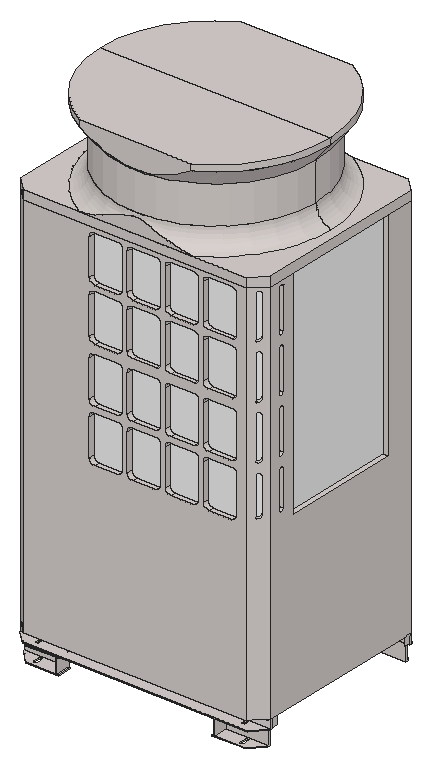
Revit family "PUHY-EM300YNW-A1", category 機械設備, Revit 2016
Family settings
  パーツ タイプ = 標準
  丸型コネクタ寸法 = 半径を使用
  OmniClass 番号 = 23.75.00.00
  OmniClass タイトル = Climate Control (HVAC)
  作業面に基づく = いいえ
  常に垂直 = はい
  ロード時にボイドで切り取り = いいえ
  共有 = いいえ
  部屋の計算ポイント = いいえ
Parameters (values of type "PUHY-EM300YNW-A1_380V_50Hz")
  WarrantyStart = ""
  Temp. range of heating (Outdoor temp.) (W.B.) = "-20.0 to 15.5"
  Temp. range of heating (Indoor temp.) (D.B.) = "15.0 to 27.0"
  Temp. range of cooling (Outdoor temp.) (D.B.) = "-5.0 to 52.0"
  Temp. range of cooling (Indoor temp.) (W.B.) = "15.0 to 24.0"
  TagNumber = 0
  Sound Pressure Level (dB(A)) Heating mode = 64.5
  Sound Pressure Level (dB(A)) Cooling mode = 61
  SerialNumber = 0
  ReplacementYear = ""
  Rated Load Ampacity (A) Heating mode = 15.6
  Rated Load Ampacity (A) Cooling mode = 14.3
  Protection Devices_High pressure (MPa) = "High pressure sensor, High pressure switch at 4.15"
  Outdoor unit Breaker size (A) = 30
  Note_1 = "Refrigerant pipe diameters may change depending on the installation condition. Please refer to the installation manual."
  モデル = "PUHY-EM300YNW-A1"
  Width = 920.000 mm
  Voltage = 380 V
  Unit Weight (kg) = 229
  URL = "http://www.mitsubishielectric.com/"
  Subcategory = "HVAC"
  Space View = yes
  Refrigerant type = "R32"
  Refrigerant Charge (kg) = 6.5
  Protection Devices_Inverter circuit (COMP./FAN) = "Over-heat protection, Over-current protection"
  Phase = 3
  製造元 = "Mitsubishi Electric Corporation"
  Maximum Circuit Ampacity (A) = 22.4
  Liquid pipe_radius = 4.760 mm
  InstallationDate = ""
  Indoor Unit Total Capacity = "50 to 130% of outdoor unit capacity"
  Indoor Unit Model/Quantity = "M20 to M140/2 to 19 (When connecting the indoor units of M20 or M25, the maximum connectable number of indoor units is 12)"
  Hertz = 50 Hz
  Height = 1858.000 mm
  Heating Power Input (Nominal) (kW) = 6.67
  Heating Power Input (Max) (kW) = 7.94
  Heating Current (Nominal) (A) = 11.2
  Heating Current (Max) (A) = 13.4
  Heating Capacity (Nominal) (kW) = 33.5
  Heating Capacity (Max) (kW) = 37.5
  Heating COP (Nominal) (kW/kW) = 5.02
  Heating COP (Max)(kW/kW) = 4.72
  Gas pipe_radius = 14.290 mm
  Fan_Type = "Propeller Fan"
  Fan_Quantity = 1
  Fan Motor Output (kW) = 0.92
  External static pressure (Pa) = 0
  External Finish = "Pre-coated galvanized steel sheets (+powder coating for -BS type) <MUNSELL 5Y 8/1 or similar>"
  Equip_description = ""
  Equip_No. = 0
  Equip_ID = ""
  Description = ""
  Depth = 740.000 mm
  CreatedOn = ""
  CreatedBy = ""
  Cooling Power Input (kW) = 7.44
  Cooling EER (kW/kW) = 4.5
  Cooling Current (A) = 12.5
  Cooling Capacity (kW) = 33.5
  Compressor_Type = "Inverter scroll hermetic compressor"
  Compressor_Quantity = 1
  Compressor_Lubricant = "MEL46EH"
  Compressor Motor Output (kW) = 6
  Category = ""
  Barcode = ""
  AssetIdentifier = ""
  Airflow Rate (m3/min) = 240
  Airflow Rate (m3/h) = 14400
Reference planes
  plane 1 "Center (Front/Back)": y = 0
  plane 2: z = 0
  plane 3 "Center (Left/Right)": x = 0
  plane 4 "11": through (-415, 370, 1200) normal (0.7071, -0.7071, 0)
  plane 5 "22": through (-415, -370, 1200) normal (-0.7071, -0.7071, 0)
  plane 6 "44": through (460, 325, 1200) normal (-0.7071, -0.7071, 0)
  plane 7 "33": through (460, -325, 1200) normal (0.7071, -0.7071, 0)
  plane 8: z = 754.5
  plane 9: z = 909.5
  plane 10: x = -300
  plane 11: x = -217
  plane 12: y = 370
  plane 13: y = -370
  plane 14: x = -460
  plane 15: x = 460
  plane 16: z = 1856
Forms (mm)
  Extrusion 1, solid, material "Paint_5Y 8/1"
    sketch origin (0, 0, 113) x (-1, 0, 0) y (0, -1, 0)
      loop
        line (410, -370) -> (460, -320) -> (460, 320) -> (410, 370) -> (-410, 370) -> (-460, 320) -> (-460, -320) -> (-410, -370) -> (410, -370)
    from -18 to 1408
  Extrusion 2, void
    sketch origin (410, -370, 113) x (1, 0, 0) y (0, 0, -1)
      loop
        arc (-55, -1393.5) -> (-40.858, -1387.642) -> (-35, -1373.5) r 20
        line (-35, -1373.5) -> (-35, -1238.676)
        arc (-35, -1238.676) -> (-40.858, -1224.534) -> (-55, -1218.676) r 20
        line (-55, -1218.676) -> (-139.8, -1218.676)
        arc (-139.8, -1218.676) -> (-153.942, -1224.534) -> (-159.8, -1238.676) r 20
        line (-159.8, -1238.676) -> (-159.8, -1373.5)
        arc (-159.8, -1373.5) -> (-153.942, -1387.642) -> (-139.8, -1393.5) r 20
        line (-139.8, -1393.5) -> (-55, -1393.5)
    from 0 to 20
  Extrusion 3, void
    sketch origin (270, -370, 113) x (1, 0, 0) y (0, 0, -1)
      loop
        arc (-55, -1393.5) -> (-40.858, -1387.642) -> (-35, -1373.5) r 20
        line (-35, -1373.5) -> (-35, -1238.676)
        arc (-35, -1238.676) -> (-40.858, -1224.534) -> (-55, -1218.676) r 20
        line (-55, -1218.676) -> (-139.8, -1218.676)
        arc (-139.8, -1218.676) -> (-153.942, -1224.534) -> (-159.8, -1238.676) r 20
        line (-159.8, -1238.676) -> (-159.8, -1373.5)
        arc (-159.8, -1373.5) -> (-153.942, -1387.642) -> (-139.8, -1393.5) r 20
        line (-139.8, -1393.5) -> (-55, -1393.5)
    from 0 to 20
  Extrusion 4, void
    sketch origin (130, -370, 113) x (1, 0, 0) y (0, 0, -1)
      loop
        arc (-55, -1393.5) -> (-40.858, -1387.642) -> (-35, -1373.5) r 20
        line (-35, -1373.5) -> (-35, -1238.676)
        arc (-35, -1238.676) -> (-40.858, -1224.534) -> (-55, -1218.676) r 20
        line (-55, -1218.676) -> (-139.8, -1218.676)
        arc (-139.8, -1218.676) -> (-153.942, -1224.534) -> (-159.8, -1238.676) r 20
        line (-159.8, -1238.676) -> (-159.8, -1373.5)
        arc (-159.8, -1373.5) -> (-153.942, -1387.642) -> (-139.8, -1393.5) r 20
        line (-139.8, -1393.5) -> (-55, -1393.5)
    from 0 to 20
  Extrusion 5, void
    sketch origin (-10, -370, 113) x (1, 0, 0) y (0, 0, -1)
      loop
        arc (-55, -1393.5) -> (-40.858, -1387.642) -> (-35, -1373.5) r 20
        line (-35, -1373.5) -> (-35, -1238.676)
        arc (-35, -1238.676) -> (-40.858, -1224.534) -> (-55, -1218.676) r 20
        line (-55, -1218.676) -> (-139.8, -1218.676)
        arc (-139.8, -1218.676) -> (-153.942, -1224.534) -> (-159.8, -1238.676) r 20
        line (-159.8, -1238.676) -> (-159.8, -1373.5)
        arc (-159.8, -1373.5) -> (-153.942, -1387.642) -> (-139.8, -1393.5) r 20
        line (-139.8, -1393.5) -> (-55, -1393.5)
    from 0 to 20
  Extrusion 6, void
    sketch origin (410, -370, -81) x (1, 0, 0) y (0, 0, -1)
      loop
        arc (-55, -1393.5) -> (-40.858, -1387.642) -> (-35, -1373.5) r 20
        line (-35, -1373.5) -> (-35, -1238.676)
        arc (-35, -1238.676) -> (-40.858, -1224.534) -> (-55, -1218.676) r 20
        line (-55, -1218.676) -> (-139.8, -1218.676)
        arc (-139.8, -1218.676) -> (-153.942, -1224.534) -> (-159.8, -1238.676) r 20
        line (-159.8, -1238.676) -> (-159.8, -1373.5)
        arc (-159.8, -1373.5) -> (-153.942, -1387.642) -> (-139.8, -1393.5) r 20
        line (-139.8, -1393.5) -> (-55, -1393.5)
    from 0 to 20
  Extrusion 7, void
    sketch origin (270, -370, -81) x (1, 0, 0) y (0, 0, -1)
      loop
        arc (-55, -1393.5) -> (-40.858, -1387.642) -> (-35, -1373.5) r 20
        line (-35, -1373.5) -> (-35, -1238.676)
        arc (-35, -1238.676) -> (-40.858, -1224.534) -> (-55, -1218.676) r 20
        line (-55, -1218.676) -> (-139.8, -1218.676)
        arc (-139.8, -1218.676) -> (-153.942, -1224.534) -> (-159.8, -1238.676) r 20
        line (-159.8, -1238.676) -> (-159.8, -1373.5)
        arc (-159.8, -1373.5) -> (-153.942, -1387.642) -> (-139.8, -1393.5) r 20
        line (-139.8, -1393.5) -> (-55, -1393.5)
    from 0 to 20
  Extrusion 8, void
    sketch origin (130, -370, -81) x (1, 0, 0) y (0, 0, -1)
      loop
        arc (-55, -1393.5) -> (-40.858, -1387.642) -> (-35, -1373.5) r 20
        line (-35, -1373.5) -> (-35, -1238.676)
        arc (-35, -1238.676) -> (-40.858, -1224.534) -> (-55, -1218.676) r 20
        line (-55, -1218.676) -> (-139.8, -1218.676)
        arc (-139.8, -1218.676) -> (-153.942, -1224.534) -> (-159.8, -1238.676) r 20
        line (-159.8, -1238.676) -> (-159.8, -1373.5)
        arc (-159.8, -1373.5) -> (-153.942, -1387.642) -> (-139.8, -1393.5) r 20
        line (-139.8, -1393.5) -> (-55, -1393.5)
    from 0 to 20
  Extrusion 9, void
    sketch origin (-10, -370, -81) x (1, 0, 0) y (0, 0, -1)
      loop
        arc (-55, -1393.5) -> (-40.858, -1387.642) -> (-35, -1373.5) r 20
        line (-35, -1373.5) -> (-35, -1238.676)
        arc (-35, -1238.676) -> (-40.858, -1224.534) -> (-55, -1218.676) r 20
        line (-55, -1218.676) -> (-139.8, -1218.676)
        arc (-139.8, -1218.676) -> (-153.942, -1224.534) -> (-159.8, -1238.676) r 20
        line (-159.8, -1238.676) -> (-159.8, -1373.5)
        arc (-159.8, -1373.5) -> (-153.942, -1387.642) -> (-139.8, -1393.5) r 20
        line (-139.8, -1393.5) -> (-55, -1393.5)
    from 0 to 20
  Extrusion 10, void
    sketch origin (410, -370, -287) x (1, 0, 0) y (0, 0, -1)
      loop
        arc (-55, -1393.5) -> (-40.858, -1387.642) -> (-35, -1373.5) r 20
        line (-35, -1373.5) -> (-35, -1238.676)
        arc (-35, -1238.676) -> (-40.858, -1224.534) -> (-55, -1218.676) r 20
        line (-55, -1218.676) -> (-139.8, -1218.676)
        arc (-139.8, -1218.676) -> (-153.942, -1224.534) -> (-159.8, -1238.676) r 20
        line (-159.8, -1238.676) -> (-159.8, -1373.5)
        arc (-159.8, -1373.5) -> (-153.942, -1387.642) -> (-139.8, -1393.5) r 20
        line (-139.8, -1393.5) -> (-55, -1393.5)
    from 0 to 20
  Extrusion 11, void
    sketch origin (270, -370, -287) x (1, 0, 0) y (0, 0, -1)
      loop
        arc (-55, -1393.5) -> (-40.858, -1387.642) -> (-35, -1373.5) r 20
        line (-35, -1373.5) -> (-35, -1238.676)
        arc (-35, -1238.676) -> (-40.858, -1224.534) -> (-55, -1218.676) r 20
        line (-55, -1218.676) -> (-139.8, -1218.676)
        arc (-139.8, -1218.676) -> (-153.942, -1224.534) -> (-159.8, -1238.676) r 20
        line (-159.8, -1238.676) -> (-159.8, -1373.5)
        arc (-159.8, -1373.5) -> (-153.942, -1387.642) -> (-139.8, -1393.5) r 20
        line (-139.8, -1393.5) -> (-55, -1393.5)
    from 0 to 20
  Extrusion 12, void
    sketch origin (130, -370, -287) x (1, 0, 0) y (0, 0, -1)
      loop
        arc (-55, -1393.5) -> (-40.858, -1387.642) -> (-35, -1373.5) r 20
        line (-35, -1373.5) -> (-35, -1238.676)
        arc (-35, -1238.676) -> (-40.858, -1224.534) -> (-55, -1218.676) r 20
        line (-55, -1218.676) -> (-139.8, -1218.676)
        arc (-139.8, -1218.676) -> (-153.942, -1224.534) -> (-159.8, -1238.676) r 20
        line (-159.8, -1238.676) -> (-159.8, -1373.5)
        arc (-159.8, -1373.5) -> (-153.942, -1387.642) -> (-139.8, -1393.5) r 20
        line (-139.8, -1393.5) -> (-55, -1393.5)
    from 0 to 20
  Extrusion 13, void
    sketch origin (-10, -370, -287) x (1, 0, 0) y (0, 0, -1)
      loop
        arc (-55, -1393.5) -> (-40.858, -1387.642) -> (-35, -1373.5) r 20
        line (-35, -1373.5) -> (-35, -1238.676)
        arc (-35, -1238.676) -> (-40.858, -1224.534) -> (-55, -1218.676) r 20
        line (-55, -1218.676) -> (-139.8, -1218.676)
        arc (-139.8, -1218.676) -> (-153.942, -1224.534) -> (-159.8, -1238.676) r 20
        line (-159.8, -1238.676) -> (-159.8, -1373.5)
        arc (-159.8, -1373.5) -> (-153.942, -1387.642) -> (-139.8, -1393.5) r 20
        line (-139.8, -1393.5) -> (-55, -1393.5)
    from 0 to 20
  Extrusion 14, void
    sketch origin (410, -370, -481) x (1, 0, 0) y (0, 0, -1)
      loop
        arc (-55, -1393.5) -> (-40.858, -1387.642) -> (-35, -1373.5) r 20
        line (-35, -1373.5) -> (-35, -1238.676)
        arc (-35, -1238.676) -> (-40.858, -1224.534) -> (-55, -1218.676) r 20
        line (-55, -1218.676) -> (-139.8, -1218.676)
        arc (-139.8, -1218.676) -> (-153.942, -1224.534) -> (-159.8, -1238.676) r 20
        line (-159.8, -1238.676) -> (-159.8, -1373.5)
        arc (-159.8, -1373.5) -> (-153.942, -1387.642) -> (-139.8, -1393.5) r 20
        line (-139.8, -1393.5) -> (-55, -1393.5)
    from 0 to 20
  Extrusion 15, void
    sketch origin (270, -370, -481) x (1, 0, 0) y (0, 0, -1)
      loop
        arc (-55, -1393.5) -> (-40.858, -1387.642) -> (-35, -1373.5) r 20
        line (-35, -1373.5) -> (-35, -1238.676)
        arc (-35, -1238.676) -> (-40.858, -1224.534) -> (-55, -1218.676) r 20
        line (-55, -1218.676) -> (-139.8, -1218.676)
        arc (-139.8, -1218.676) -> (-153.942, -1224.534) -> (-159.8, -1238.676) r 20
        line (-159.8, -1238.676) -> (-159.8, -1373.5)
        arc (-159.8, -1373.5) -> (-153.942, -1387.642) -> (-139.8, -1393.5) r 20
        line (-139.8, -1393.5) -> (-55, -1393.5)
    from 0 to 20
  Extrusion 16, void
    sketch origin (130, -370, -481) x (1, 0, 0) y (0, 0, -1)
      loop
        arc (-55, -1393.5) -> (-40.858, -1387.642) -> (-35, -1373.5) r 20
        line (-35, -1373.5) -> (-35, -1238.676)
        arc (-35, -1238.676) -> (-40.858, -1224.534) -> (-55, -1218.676) r 20
        line (-55, -1218.676) -> (-139.8, -1218.676)
        arc (-139.8, -1218.676) -> (-153.942, -1224.534) -> (-159.8, -1238.676) r 20
        line (-159.8, -1238.676) -> (-159.8, -1373.5)
        arc (-159.8, -1373.5) -> (-153.942, -1387.642) -> (-139.8, -1393.5) r 20
        line (-139.8, -1393.5) -> (-55, -1393.5)
    from 0 to 20
  Extrusion 17, void
    sketch origin (-10, -370, -481) x (1, 0, 0) y (0, 0, -1)
      loop
        arc (-55, -1393.5) -> (-40.858, -1387.642) -> (-35, -1373.5) r 20
        line (-35, -1373.5) -> (-35, -1238.676)
        arc (-35, -1238.676) -> (-40.858, -1224.534) -> (-55, -1218.676) r 20
        line (-55, -1218.676) -> (-139.8, -1218.676)
        arc (-139.8, -1218.676) -> (-153.942, -1224.534) -> (-159.8, -1238.676) r 20
        line (-159.8, -1238.676) -> (-159.8, -1373.5)
        arc (-159.8, -1373.5) -> (-153.942, -1387.642) -> (-139.8, -1393.5) r 20
        line (-139.8, -1393.5) -> (-55, -1393.5)
    from 0 to 20
  Extrusion 18, solid
    sketch origin (0, -189, -3) x (0, 0, -1) y (-1, 0, 0)
      loop
        circle (-179, 217) r 14.29
    from 0 to 150
  Extrusion 19, solid
    sketch origin (0, -172, -3) x (0, 0, -1) y (-1, 0, 0)
      loop
        circle (-179, 300) r 4.76
    from 0 to 150
  Extrusion 20, void
    sketch origin (-460, -320, 113) x (0, -1, 0) y (0, 0, -1)
      loop
        line (-611.5, -1236.511) -> (-611.5, -1386.5)
        arc (-611.5, -1386.5) -> (-601.5, -1396.5) -> (-591.5, -1386.5) r 10
        line (-591.5, -1386.5) -> (-591.5, -1236.511)
        arc (-591.5, -1236.511) -> (-601.5, -1226.511) -> (-611.5, -1236.511) r 10
    from 0 to 20
  Extrusion 21, void
    sketch origin (-460, -320, -87.006) x (0, -1, 0) y (0, 0, -1)
      loop
        line (-611.5, -1236.511) -> (-611.5, -1386.5)
        arc (-611.5, -1386.5) -> (-601.5, -1396.5) -> (-591.5, -1386.5) r 10
        line (-591.5, -1386.5) -> (-591.5, -1236.511)
        arc (-591.5, -1236.511) -> (-601.5, -1226.511) -> (-611.5, -1236.511) r 10
    from 0 to 20
  Extrusion 22, void
    sketch origin (-460, -320, -287.006) x (0, -1, 0) y (0, 0, -1)
      loop
        line (-611.5, -1236.511) -> (-611.5, -1386.5)
        arc (-611.5, -1386.5) -> (-601.5, -1396.5) -> (-591.5, -1386.5) r 10
        line (-591.5, -1386.5) -> (-591.5, -1236.511)
        arc (-591.5, -1236.511) -> (-601.5, -1226.511) -> (-611.5, -1236.511) r 10
    from 0 to 20
  Extrusion 23, void
    sketch origin (-460, -320, -479.506) x (0, -1, 0) y (0, 0, -1)
      loop
        line (-611.5, -1244.006) -> (-611.5, -1379.006)
        arc (-611.5, -1379.006) -> (-601.5, -1389.006) -> (-591.5, -1379.006) r 10
        line (-591.5, -1379.006) -> (-591.5, -1244.006)
        arc (-591.5, -1244.006) -> (-601.5, -1234.006) -> (-611.5, -1244.006) r 10
    from 0 to 20
  Extrusion 24, void
    sketch origin (-460, -320, 113) x (0, -1, 0) y (0, 0, -1)
      loop
        line (-543, -1408) -> (-215, -1408) -> (-215, -632) -> (-543, -632) -> (-543, -1408)
    from 0 to 20
  Extrusion 25, void
    sketch origin (-410, 370, 113) x (0.707107, 0.707107, 0) y (0, 0, 1)
      loop
        line (-27.158, 1236.539) -> (-27.158, 1386.461)
        arc (-27.158, 1386.461) -> (-37.158, 1396.461) -> (-47.158, 1386.461) r 10
        line (-47.158, 1386.461) -> (-47.158, 1236.539)
        arc (-47.158, 1236.539) -> (-37.158, 1226.539) -> (-27.158, 1236.539) r 10
      loop
        line (-27.158, 1036.539) -> (-27.158, 1186.461)
        arc (-27.158, 1186.461) -> (-37.158, 1196.461) -> (-47.158, 1186.461) r 10
        line (-47.158, 1186.461) -> (-47.158, 1036.539)
        arc (-47.158, 1036.539) -> (-37.158, 1026.539) -> (-27.158, 1036.539) r 10
      loop
        line (-27.158, 836.539) -> (-27.158, 986.461)
        arc (-27.158, 986.461) -> (-37.158, 996.461) -> (-47.158, 986.461) r 10
        line (-47.158, 986.461) -> (-47.158, 836.539)
        arc (-47.158, 836.539) -> (-37.158, 826.539) -> (-27.158, 836.539) r 10
      loop
        line (-27.158, 652.5) -> (-27.158, 785.5)
        arc (-27.158, 785.5) -> (-37.158, 795.5) -> (-47.158, 785.5) r 10
        line (-47.158, 785.5) -> (-47.158, 652.5)
        arc (-47.158, 652.5) -> (-37.158, 642.5) -> (-27.158, 652.5) r 10
    from 0 to 20
  Extrusion 26, void
    sketch origin (460, -320, 113) x (0.707107, 0.707107, 0) y (0, 0, -1)
      loop
        arc (-25.5, -1236.423) -> (-35.5, -1226.423) -> (-45.5, -1236.423) r 10
        line (-45.5, -1236.423) -> (-45.5, -1386.487)
        arc (-45.5, -1386.487) -> (-35.5, -1396.487) -> (-25.5, -1386.487) r 10
        line (-25.5, -1386.487) -> (-25.5, -1236.423)
    from 0 to 20
  Extrusion 27, void
    sketch origin (460, -320, -86.884) x (0.707107, 0.707107, 0) y (0, 0, -1)
      loop
        arc (-25.5, -1236.423) -> (-35.5, -1226.423) -> (-45.5, -1236.423) r 10
        line (-45.5, -1236.423) -> (-45.5, -1386.487)
        arc (-45.5, -1386.487) -> (-35.5, -1396.487) -> (-25.5, -1386.487) r 10
        line (-25.5, -1386.487) -> (-25.5, -1236.423)
    from 0 to 20
  Extrusion 28, void
    sketch origin (460, -320, -286.884) x (0.707107, 0.707107, 0) y (0, 0, -1)
      loop
        arc (-25.5, -1236.423) -> (-35.5, -1226.423) -> (-45.5, -1236.423) r 10
        line (-45.5, -1236.423) -> (-45.5, -1386.487)
        arc (-45.5, -1386.487) -> (-35.5, -1396.487) -> (-25.5, -1386.487) r 10
        line (-25.5, -1386.487) -> (-25.5, -1236.423)
    from 0 to 20
  Extrusion 29, void
    sketch origin (460, -320, -487.987) x (0.707107, 0.707107, 0) y (0, 0, -1)
      loop
        arc (-25.5, -1253.487) -> (-35.5, -1243.487) -> (-45.5, -1253.487) r 10
        line (-45.5, -1253.487) -> (-45.5, -1386.487)
        arc (-45.5, -1386.487) -> (-35.5, -1396.487) -> (-25.5, -1386.487) r 10
        line (-25.5, -1386.487) -> (-25.5, -1253.487)
    from 0 to 20
  Extrusion 30, void
    sketch origin (460, 320, 113) x (0, 1, 0) y (0, 0, -1)
      loop
        line (-604, -1236.423) -> (-604, -1386.487)
        arc (-604, -1386.487) -> (-594, -1396.487) -> (-584, -1386.487) r 10
        line (-584, -1386.487) -> (-584, -1236.423)
        arc (-584, -1236.423) -> (-594, -1226.423) -> (-604, -1236.423) r 10
      loop
        line (-604, -1036.539) -> (-604, -1186.603)
        arc (-604, -1186.603) -> (-594, -1196.603) -> (-584, -1186.603) r 10
        line (-584, -1186.603) -> (-584, -1036.539)
        arc (-584, -1036.539) -> (-594, -1026.539) -> (-604, -1036.539) r 10
      loop
        line (-604, -836.539) -> (-604, -986.603)
        arc (-604, -986.603) -> (-594, -996.603) -> (-584, -986.603) r 10
        line (-584, -986.603) -> (-584, -836.539)
        arc (-584, -836.539) -> (-594, -826.539) -> (-604, -836.539) r 10
      loop
        line (-604, -652.5) -> (-604, -785.5)
        arc (-604, -785.5) -> (-594, -795.5) -> (-584, -785.5) r 10
        line (-584, -785.5) -> (-584, -652.5)
        arc (-584, -652.5) -> (-594, -642.5) -> (-604, -652.5) r 10
    from 0 to 20
  Extrusion 31, void
    sketch origin (460, 320, 113) x (0, 1, 0) y (0, 0, -1)
      loop
        line (-542, -1408) -> (-100, -1408) -> (-100, -611.5) -> (-542, -611.5) -> (-542, -1408)
    from 0 to 20
  Extrusion 32, void
    sketch origin (-410, 370, 113) x (-1, 0, 0) y (0, 0, -1)
      loop
        line (-718, -1408) -> (-47, -1408) -> (-47, -613) -> (-718, -613) -> (-718, -1408)
    from 0 to 20
Cuts and joins
  Extrusion 2, Extrusion 3, Extrusion 4, Extrusion 5, Extrusion 6, Extrusion 7, Extrusion 8, Extrusion 9, Extrusion 10, Extrusion 11, Extrusion 12, Extrusion 13, Extrusion 14, Extrusion 15, Extrusion 16, Extrusion 17, Extrusion 20, Extrusion 21, Extrusion 22, Extrusion 23, Extrusion 24, Extrusion 25, Extrusion 26, Extrusion 27, Extrusion 28, Extrusion 29, Extrusion 30, Extrusion 31, Extrusion 32 cuts Extrusion 1
Lines and regions (mm)
  model lines
    curve 1: line (-390, -370, 716) -> (390, -370, 716)
    curve 2: line (-390, -370, 1521) -> (-390, -370, 95)
    curve 3: line (390, -370, 1521) -> (390, -370, 95)
    curve 4: line (-172, -370, 95) -> (-172, -370, 207.5)
    curve 5: line (390, -370, 224.5) -> (199, -370, 224.5)
    curve 6: line (172, -370, 197.5) -> (172, -370, 95)
    curve 7: arc (-189, -370, 224.5) -> (-176.979, -370, 219.521) -> (-172, -370, 207.5) r 17
    curve 8: arc (199, -370, 224.5) -> (179.908, -370, 216.592) -> (172, -370, 197.5) r 27
    curve 9: line (-192, -291, 95) -> (-322, -291, 95)
    curve 10: line (-182, -207, 95) -> (-182, -281, 95)
    curve 11: line (-322, -197, 95) -> (-192, -197, 95)
    curve 12: line (-332, -281, 95) -> (-332, -207, 95)
    curve 13: arc (-332, -281, 95) -> (-329.071, -288.071, 95) -> (-322, -291, 95) r 10
    curve 14: arc (-192, -291, 95) -> (-184.929, -288.071, 95) -> (-182, -281, 95) r 10
    curve 15: arc (-182, -207, 95) -> (-184.929, -199.929, 95) -> (-192, -197, 95) r 10
    curve 16: arc (-322, -197, 95) -> (-329.071, -199.929, 95) -> (-332, -207, 95) r 10
    curve 25: line (-219, -370, 1521) -> (-219, -370, 716)
    curve 26: line (-189, -370, 224.5) -> (-390, -370, 224.5)
    curve 27: circle (308, -185, 95) r 26 normal (0, 0, 1)
    curve 28: circle (288, -260, 95) r 32.5 normal (0, 0, 1)
    curve 29: circle (244, -204, 95) r 17 normal (0, 0, 1)
    curve 30: line (-460, 243, 1521) -> (-460, 243, 95)
    curve 31: line (-460, 243, 705) -> (-460, -155, 705)
    curve 32: line (-460, -155, 95) -> (-460, -155, 1521)
    curve 33: line (-460, 223, 1521) -> (-460, 223, 705)
    curve 34: line (-460, -105, 1521) -> (-460, -105, 705)
    curve 35: line (-460, -95.983, 267.745) -> (-460, 184, 267.745)
    curve 36: line (-460, 184, 247.745) -> (-460, -95.983, 247.745)
    curve 37: arc (-460, -95.983, 247.745) -> (-460, -105.983, 257.745) -> (-460, -95.983, 267.745) r 10
    curve 38: arc (-460, 184, 267.745) -> (-460, 194, 257.745) -> (-460, 184, 247.745) r 10
    curve 39: line (-460, -95.983, 372.745) -> (-460, 184, 372.745)
    curve 40: line (-460, 184, 352.745) -> (-460, -95.983, 352.745)
    curve 41: arc (-460, -95.983, 352.745) -> (-460, -105.983, 362.745) -> (-460, -95.983, 372.745) r 10
    curve 42: arc (-460, 184, 372.745) -> (-460, 194, 362.745) -> (-460, 184, 352.745) r 10
    curve 43: line (-460, -95.983, 477.745) -> (-460, 184, 477.745)
    curve 44: line (-460, 184, 457.745) -> (-460, -95.983, 457.745)
    curve 45: arc (-460, -95.983, 457.745) -> (-460, -105.983, 467.745) -> (-460, -95.983, 477.745) r 10
    curve 46: arc (-460, 184, 477.745) -> (-460, 194, 467.745) -> (-460, 184, 457.745) r 10
    curve 47: line (-460, -95.983, 582.745) -> (-460, 184, 582.745)
    curve 48: line (-460, 184, 562.745) -> (-460, -95.983, 562.745)
    curve 49: arc (-460, -95.983, 562.745) -> (-460, -105.983, 572.745) -> (-460, -95.983, 582.745) r 10
    curve 50: arc (-460, 184, 582.745) -> (-460, 194, 572.745) -> (-460, 184, 562.745) r 10
    curve 51: line (-110, -370, 269) -> (110, -370, 269)
    curve 52: line (110, -370, 249) -> (-110, -370, 249)
    curve 53: arc (-120, -370, 259) -> (-117.071, -370, 266.071) -> (-110, -370, 269) r 10
    curve 54: arc (-110, -370, 249) -> (-117.071, -370, 251.929) -> (-120, -370, 259) r 10
    curve 55: arc (110, -370, 269) -> (117.071, -370, 266.071) -> (120, -370, 259) r 10
    curve 56: arc (120, -370, 259) -> (117.071, -370, 251.929) -> (110, -370, 249) r 10
    curve 57: line (-222.5, -370, 584) -> (222.5, -370, 584)
    curve 58: line (222.5, -370, 564) -> (-222.5, -370, 564)
    curve 59: arc (-222.5, -370, 584) -> (-229.571, -370, 581.071) -> (-232.5, -370, 574) r 10
    curve 60: arc (222.5, -370, 584) -> (229.571, -370, 581.071) -> (232.5, -370, 574) r 10
    curve 61: arc (232.5, -370, 574) -> (229.571, -370, 566.929) -> (222.5, -370, 564) r 10
    curve 62: arc (-222.5, -370, 564) -> (-229.571, -370, 566.929) -> (-232.5, -370, 574) r 10
    curve 63: line (-222.5, -370, 479) -> (222.5, -370, 479)
    curve 64: line (222.5, -370, 459) -> (-222.5, -370, 459)
    curve 65: arc (-222.5, -370, 479) -> (-229.571, -370, 476.071) -> (-232.5, -370, 469) r 10
    curve 66: arc (222.5, -370, 479) -> (229.571, -370, 476.071) -> (232.5, -370, 469) r 10
    curve 67: arc (232.5, -370, 469) -> (229.571, -370, 461.929) -> (222.5, -370, 459) r 10
    curve 68: arc (-222.5, -370, 459) -> (-229.571, -370, 461.929) -> (-232.5, -370, 469) r 10
    curve 69: line (-222.5, -370, 374) -> (222.5, -370, 374)
    curve 70: line (222.5, -370, 354) -> (-222.5, -370, 354)
    curve 71: arc (-222.5, -370, 374) -> (-229.571, -370, 371.071) -> (-232.5, -370, 364) r 10
    curve 72: arc (222.5, -370, 374) -> (229.571, -370, 371.071) -> (232.5, -370, 364) r 10
    curve 73: arc (232.5, -370, 364) -> (229.571, -370, 356.929) -> (222.5, -370, 354) r 10
    curve 74: arc (-222.5, -370, 354) -> (-229.571, -370, 356.929) -> (-232.5, -370, 364) r 10
    curve 75: line (460, -237.5, 1521) -> (460, -237.5, 95)
    curve 76: line (460, -237.5, 705) -> (460, 236.5, 705)
    curve 77: line (460, -237.5, 724.5) -> (460, 236.5, 724.5)
    curve 78: line (460, 236.5, 1521) -> (460, 236.5, 95)
    curve 79: line (327.5, 370, 1521) -> (327.5, 370, 95)
    curve 80: line (308, 370, 1521) -> (308, 370, 706)
    curve 81: line (327.5, 370, 706) -> (-382.5, 370, 706)
    curve 82: line (-382.5, 370, 1521) -> (-382.5, 370, 95)
    curve 83: line (-363, 370, 1521) -> (-363, 370, 706)
    curve 84: line (460, -140.491, 267.745) -> (460, 139.491, 267.745)
    curve 85: line (460, 139.491, 247.745) -> (460, -140.491, 247.745)
    curve 86: arc (460, -140.491, 247.745) -> (460, -150.491, 257.745) -> (460, -140.491, 267.745) r 10
    curve 87: arc (460, 139.491, 267.745) -> (460, 149.491, 257.745) -> (460, 139.491, 247.745) r 10
    curve 88: line (460, -140.491, 372.745) -> (460, 139.491, 372.745)
    curve 89: line (460, 139.491, 352.745) -> (460, -140.491, 352.745)
    curve 90: arc (460, -140.491, 352.745) -> (460, -150.491, 362.745) -> (460, -140.491, 372.745) r 10
    curve 91: arc (460, 139.491, 372.745) -> (460, 149.491, 362.745) -> (460, 139.491, 352.745) r 10
    curve 92: line (460, -140.491, 477.745) -> (460, 139.491, 477.745)
    curve 93: line (460, 139.491, 457.745) -> (460, -140.491, 457.745)
    curve 94: arc (460, -140.491, 457.745) -> (460, -150.491, 467.745) -> (460, -140.491, 477.745) r 10
    curve 95: arc (460, 139.491, 477.745) -> (460, 149.491, 467.745) -> (460, 139.491, 457.745) r 10
    curve 96: line (460, -140.491, 582.745) -> (460, 139.491, 582.745)
    curve 97: line (460, 139.491, 562.745) -> (460, -140.491, 562.745)
    curve 98: arc (460, -140.491, 562.745) -> (460, -150.491, 572.745) -> (460, -140.491, 582.745) r 10
    curve 99: arc (460, 139.491, 582.745) -> (460, 149.491, 572.745) -> (460, 139.491, 562.745) r 10
    curve 100: line (-222.5, 370, 584) -> (222.5, 370, 584)
    curve 101: line (222.5, 370, 564) -> (-222.5, 370, 564)
    curve 102: arc (-222.5, 370, 584) -> (-229.571, 370, 581.071) -> (-232.5, 370, 574) r 10
    curve 103: arc (222.5, 370, 584) -> (229.571, 370, 581.071) -> (232.5, 370, 574) r 10
    curve 104: arc (232.5, 370, 574) -> (229.571, 370, 566.929) -> (222.5, 370, 564) r 10
    curve 105: arc (-222.5, 370, 564) -> (-229.571, 370, 566.929) -> (-232.5, 370, 574) r 10
    curve 106: line (-222.5, 370, 479) -> (222.5, 370, 479)
    curve 107: line (222.5, 370, 459) -> (-222.5, 370, 459)
    curve 108: arc (-222.5, 370, 479) -> (-229.571, 370, 476.071) -> (-232.5, 370, 469) r 10
    curve 109: arc (222.5, 370, 479) -> (229.571, 370, 476.071) -> (232.5, 370, 469) r 10
    curve 110: arc (232.5, 370, 469) -> (229.571, 370, 461.929) -> (222.5, 370, 459) r 10
    curve 111: arc (-222.5, 370, 459) -> (-229.571, 370, 461.929) -> (-232.5, 370, 469) r 10
    curve 112: line (-222.5, 370, 374) -> (222.5, 370, 374)
    curve 113: line (222.5, 370, 354) -> (-222.5, 370, 354)
    curve 114: arc (-222.5, 370, 374) -> (-229.571, 370, 371.071) -> (-232.5, 370, 364) r 10
    curve 115: arc (222.5, 370, 374) -> (229.571, 370, 371.071) -> (232.5, 370, 364) r 10
    curve 116: arc (232.5, 370, 364) -> (229.571, 370, 356.929) -> (222.5, 370, 354) r 10
    curve 117: arc (-222.5, 370, 354) -> (-229.571, 370, 356.929) -> (-232.5, 370, 364) r 10
    curve 118: line (-222.5, 370, 269) -> (222.5, 370, 269)
    curve 119: line (222.5, 370, 249) -> (-222.5, 370, 249)
    curve 120: arc (-222.5, 370, 269) -> (-229.571, 370, 266.071) -> (-232.5, 370, 259) r 10
    curve 121: arc (222.5, 370, 269) -> (229.571, 370, 266.071) -> (232.5, 370, 259) r 10
    curve 122: arc (232.5, 370, 259) -> (229.571, 370, 251.929) -> (222.5, 370, 249) r 10
    curve 123: arc (-222.5, 370, 249) -> (-229.571, 370, 251.929) -> (-232.5, 370, 259) r 10
    curve 124: line (-325, -370, 131) -> (-197, -370, 131)
    curve 125: line (-335, -370, 205) -> (-335, -370, 141)
    curve 126: line (-197, -370, 215) -> (-325, -370, 215)
    curve 127: line (-187, -370, 141) -> (-187, -370, 205)
    curve 128: arc (-335, -370, 205) -> (-332.071, -370, 212.071) -> (-325, -370, 215) r 10
    curve 129: arc (-197, -370, 215) -> (-189.929, -370, 212.071) -> (-187, -370, 205) r 10
    curve 130: arc (-335, -370, 141) -> (-332.071, -370, 133.929) -> (-325, -370, 131) r 10
    curve 131: arc (-197, -370, 131) -> (-189.929, -370, 133.929) -> (-187, -370, 141) r 10
    curve 132: circle (328, -370, 170) r 20 normal (0, -1, 0)
    curve 133: circle (328, -370, 170) r 32.5 normal (0, -1, 0)
    curve 134: circle (253, -370, 185) r 13.5 normal (0, -1, 0)
    curve 135: circle (253, -370, 185) r 26 normal (0, -1, 0)
    curve 136: circle (204, -370, 150) r 17 normal (0, -1, 0)
  model lines, not visible
    curve 17: line (487.5, -370, 703) -> (492.5, -370, 703)
    curve 18: line (477.5, -370, 363) -> (477.5, -370, 693)
    curve 19: line (492.5, -370, 353) -> (487.5, -370, 353)
    curve 20: line (502.5, -370, 693) -> (502.5, -370, 363)
    curve 21: arc (487.5, -370, 703) -> (480.429, -370, 700.071) -> (477.5, -370, 693) r 10
    curve 22: arc (492.5, -370, 703) -> (499.571, -370, 700.071) -> (502.5, -370, 693) r 10
    curve 23: arc (502.5, -370, 363) -> (499.571, -370, 355.929) -> (492.5, -370, 353) r 10
    curve 24: arc (477.5, -370, 363) -> (480.429, -370, 355.929) -> (487.5, -370, 353) r 10
Dimensions and locks
  nested 1 to level = 1858.000 mm
  nested 1 to nested 1 = 303.000 mm
  nested 5 to nested 5 = 60.000 mm
  nested 1 to nested 2 = 1495.000 mm
  Extrusion 1 to Extrusion 1 = 920.000 mm
  Extrusion 2 sketch curve to Extrusion 2 sketch curve = 174.824 mm
  Extrusion 3 sketch curve to Extrusion 3 sketch curve = 174.824 mm
  equal spacing: group 5, group 4, group 3, group 2
  equal spacing: group 2, group 3, group 4, group 5  (x2)
  Extrusion 4 sketch curve to Extrusion 4 sketch curve = 174.824 mm
  Extrusion 5 sketch curve to Extrusion 5 sketch curve = 174.824 mm
  Extrusion 6 sketch curve to Extrusion 6 sketch curve = 174.824 mm
  Extrusion 7 sketch curve to Extrusion 7 sketch curve = 174.824 mm
  Extrusion 8 sketch curve to Extrusion 8 sketch curve = 174.824 mm
  Extrusion 9 sketch curve to Extrusion 9 sketch curve = 174.824 mm
  Extrusion 10 sketch curve to Extrusion 10 sketch curve = 174.824 mm
  Extrusion 11 sketch curve to Extrusion 11 sketch curve = 174.824 mm
  Extrusion 12 sketch curve to Extrusion 12 sketch curve = 174.824 mm
  Extrusion 13 sketch curve to Extrusion 13 sketch curve = 174.824 mm
  Extrusion 14 sketch curve to Extrusion 14 sketch curve = 174.824 mm
  Extrusion 15 sketch curve to Extrusion 15 sketch curve = 174.824 mm
  Extrusion 16 sketch curve to Extrusion 16 sketch curve = 174.824 mm
  Extrusion 17 sketch curve to Extrusion 17 sketch curve = 174.824 mm
  cut or joined group 1 (Extrusion 1, Extrusion 2, Extrusion 3, Extrusion 4, Extrusion 5, Extrusion 6, Extrusion 7, Extrusion 8, Extrusion 9, Extrusion 10, Extrusion 11, Extrusion 12, Extrusion 13, Extrusion 14, Extrusion 15, Extrusion 16, Extrusion 17, Extrusion 20, Extrusion 21, Extrusion 22, Extrusion 23, Extrusion 24, Extrusion 25, Extrusion 26, Extrusion 27, Extrusion 28, Extrusion 29, Extrusion 30, Extrusion 31, Extrusion 32) to cut or joined group 1 = 820.000 mm
  cut or joined group 1 to cut or joined group 1 = 920.000 mm
  cut or joined group 1 to cut or joined group 1 = 740.000 mm
  nested 5 to cut or joined group 1 = 80.000 mm
  cut or joined group 1 to nested 4 to nested 5 = 80.000 mm, 760.000 mm
  cut or joined group 1 to nested 2 = 29.500 mm
  cut or joined group 1 to nested 3 to nested 2 = 29.500 mm, 681.000 mm
  cut or joined group 1 to cut or joined group 1 = 35.000 mm
  plane 6 "44" to cut or joined group 1 = 3.536 mm
  Extrusion 25 sketch curve to Extrusion 25 sketch curve = 20.000 mm
  cut or joined group 1 to cut or joined group 1 = 50.000 mm
  locked: Extrusion 19 to nested 2 at 116
  curve 136 to nested 2 = 90.000 mm
  curve 134 to nested 2 = 125.000 mm
  curve 132 to nested 2 = 110.000 mm
  cut or joined group 1 to curve 132 = 132.000 mm
  cut or joined group 1 to curve 134 = 207.000 mm
  cut or joined group 1 to curve 136 = 256.000 mm
  cut or joined group 1 to curve 125 to curve 127 = 125.000 mm, 148.000 mm
  curve 126 to curve 124 to nested 2 = 84.000 mm, 71.000 mm
  cut or joined group 1 to Extrusion 19 = 198.000 mm
  cut or joined group 1 to Extrusion 18 = 181.000 mm
  cut or joined group 1 to curve 29 = 166.000 mm
  cut or joined group 1 to curve 27 = 185.000 mm
  cut or joined group 1 to curve 28 = 110.000 mm
  curve 27 to cut or joined group 1 = 152.000 mm
  curve 28 to cut or joined group 1 = 172.000 mm
  curve 29 to cut or joined group 1 = 216.000 mm
  cut or joined group 1 to curve 9 to curve 11 = 79.000 mm, 94.000 mm
  cut or joined group 1 to curve 12 to curve 10 = 128.000 mm, 150.000 mm
  cut or joined group 1 to plane 10 = 160.000 mm
  cut or joined group 1 to plane 11 = 243.000 mm
  nested 4 to nested 4 = 60.000 mm
  cut or joined group 1 to nested 2 = 32.000 mm
  nested 4 to nested 4 = 56.000 mm
  nested 2 to nested 2 to nested 2 = 20.000 mm, 54.000 mm
  nested 3 to nested 2 = 592.000 mm
  nested 3 to nested 3 = 20.000 mm
  aligned and locked: level to plane 2
  aligned and locked: nested 2 to nested 4
  aligned and locked: nested 2 to nested 5
Nested families
  nested 1: "FAN GUARD" at (0, 0, 861), WIDTH <- "Width", type "FAN GUARD"
    with WIDTH 920.000 mm
  nested 2: "BASE LEG" at (0, -352, 60), Width <- "Width", type "BASE LEG"
    with Width 920.000 mm
  nested 3: "BASE LEG" at (0, 352, 60), Width <- "Width", type "BASE LEG"
    with Width 920.000 mm
  nested 4: "ATTACHMENT LEG" at (-374, -349, 0), type "ATTACHMENT LEG"
  nested 5: "ATTACHMENT LEG" at (374, -349, 0) x (-1, 0, 0) z (0, 0, 1), type "ATTACHMENT LEG"
  nested 6: "ATTACHMENT LEG" at (-374, 349, 0), type "ATTACHMENT LEG"
  nested 7: "ATTACHMENT LEG" at (374, 349, 0) x (-1, 0, 0) z (0, 0, 1), type "ATTACHMENT LEG"
Connectors
  piping at (-217, -189, 176), diameter 28.58, driven by "Gas pipe_radius"
    settings: on Extrusion 18, index 3, connector inside diameter 28.58 mm, connector length 0.000 mm, flow factor 0, pipe flow 0.0 L/s, pressure drop 0.0 Pa, fitting loss kfactor 0, connector angle 0.00°, fixture units 0, engagement length 0.000 mm, angle of deflection 0.00°, flow configuration 0, flow direction 0, fitting loss method 0, system type 22, joint type 0, gender type 0, connector reference index -1, connector utility 0, adjustable connector no, is connector primary yes, connector description "Refrigerant service valve (gas)"
  piping at (-300, -172, 176), diameter 9.52, driven by "Liquid pipe_radius"
    settings: on Extrusion 19, index 4, connector inside diameter 9.52 mm, connector length 0.000 mm, flow factor 0, pipe flow 0.0 L/s, pressure drop 0.0 Pa, fitting loss kfactor 0, connector angle 0.00°, fixture units 0, engagement length 0.000 mm, angle of deflection 0.00°, flow configuration 0, flow direction 0, fitting loss method 0, system type 22, joint type 0, gender type 0, connector reference index -1, connector utility 0, adjustable connector no, is connector primary no, connector description "Refrigerant service valve (Liquid)"
  electrical at (0, -370, 808), driven by "Phase", driven by "Voltage"
    settings: on cut or joined group 1, index 5, voltage 380 V, apparent load 0 VA, apparent load phase1 0 VA, apparent load phase2 0 VA, apparent load phase3 0 VA, power factor 1, load classification "HVAC", number of poles 3, system type 30, power factor state 1, is connector primary yes, connector utility no, sub classification motor no, connector description ""
Definition of nested family "FAN GUARD"
  Parameters
    WIDTH [instance] = 920.000 mm
  Reference planes
    plane 1 "中心(正面/背面)": y = 0
    plane 2: z = 0
    plane 3 "中心(左/右)": x = 0
    plane 4 "ファンガード基準面": z = 660
    plane 5: y = 370
    plane 6: y = -370
    plane 7: x = 460
    plane 8: x = -460
    plane 9 "ファンガード基準上面": z = 694
    plane 10 "ファンガード上面": z = 997
  Forms (mm)
    Extrusion 1, solid
      sketch origin (0, 0, 660) x (-1, 0, 0) y (0, -1, 0)
        loop
          line (410, -370) -> (460, -320) -> (460, 320) -> (410, 370) -> (-410, 370) -> (-460, 320) -> (-460, -320) -> (-410, -370) -> (410, -370)
      from 0 to 34
    Revolve 2, solid
      sketch origin (0, 0, 0) x (1, 0, 0) y (0, 0, 1)
        loop
          line (0, 694) -> (0, 997) -> (-423, 997) -> (-423, 973) -> (-368.829, 903.664) -> (-368.829, 764.141)
          arc (-368.829, 764.141) -> (-384.109, 719.678) -> (-423.494, 694) r 72.332
          line (-423.494, 694) -> (0, 694)
        axis (0, 997) -> (0, 694)
      angle from 0 to 360
    Extrusion 3, void
      sketch origin (0, 0, 694) x (-1, 0, 0) y (0, -1, 0)
        loop
          line (345, -370) -> (-345, -370) -> (-345, -545) -> (345, -545) -> (345, -370)
        loop
          line (345, 370) -> (345, 539.592) -> (-345, 539.592) -> (-345, 370) -> (345, 370)
      from 0 to 400
  Cuts and joins
    Extrusion 3 cuts Revolve 2
  Lines and regions (mm)
    model lines
      curve 1: line (-423, 0, 997) -> (-80, 0, 997)
      curve 2: line (80, 0, 997) -> (423, 0, 997)
      curve 3: circle (0, 0, 997) r 80 normal (0, 0, 1)
      curve 4: line (-415.366, -80, 997) -> (415.366, -80, 997)
      curve 5: line (-391.572, -160, 997) -> (391.572, -160, 997)
      curve 6: line (-348.323, -240, 997) -> (348.323, -240, 997)
      curve 7: line (-276.639, -320, 997) -> (276.639, -320, 997)
      curve 8: line (-415.366, 80, 997) -> (415.366, 80, 997)
      curve 9: line (-391.572, 160, 997) -> (391.572, 160, 997)
      curve 10: line (-348.323, 240, 997) -> (348.323, 240, 997)
      curve 11: line (-276.639, 320, 997) -> (276.639, 320, 997)
      curve 12: line (0, 370, 997) -> (0, -370, 997)
      curve 13: line (-20, 370, 997) -> (-20, -370, 997)
      curve 14: line (-40, 370, 997) -> (-40, -370, 997)
      curve 15: line (-60, 370, 997) -> (-60, -370, 997)
      curve 16: line (-80, 370, 997) -> (-80, -370, 997)
      curve 17: line (20, 370, 997) -> (20, -370, 997)
      curve 18: line (40, 370, 997) -> (40, -370, 997)
      curve 19: line (60, 370, 997) -> (60, -370, 997)
      curve 20: line (80, 370, 997) -> (80, -370, 997)
      curve 21: line (100, 370, 997) -> (100, -370, 997)
      curve 22: line (120, 370, 997) -> (120, -370, 997)
      curve 23: line (140, 370, 997) -> (140, -370, 997)
      curve 24: line (160, 370, 997) -> (160, -370, 997)
      curve 25: line (180, 370, 997) -> (180, -370, 997)
      curve 26: line (200, 370, 997) -> (200, -370, 997)
      curve 27: line (220, 361.288, 997) -> (220, -361.288, 997)
      curve 28: line (240, 348.323, 997) -> (240, -348.323, 997)
      curve 29: line (260, 333.66, 997) -> (260, -333.66, 997)
      curve 30: line (280, 317.063, 997) -> (280, -317.063, 997)
      curve 31: line (300, 298.21, 997) -> (300, -298.21, 997)
      curve 32: line (320, 276.639, 997) -> (320, -276.639, 997)
      curve 33: line (340, 251.653, 997) -> (340, -251.653, 997)
      curve 34: line (360, 222.101, 997) -> (360, -222.101, 997)
      curve 35: line (380, 185.82, 997) -> (380, -185.82, 997)
      curve 36: line (400, 137.583, 997) -> (400, -137.583, 997)
      curve 37: line (420, 50.289, 997) -> (420, -50.289, 997)
      curve 38: line (-100, 370, 997) -> (-100, -370, 997)
      curve 39: line (-120, 370, 997) -> (-120, -370, 997)
      curve 40: line (-140, 370, 997) -> (-140, -370, 997)
      curve 41: line (-160, 370, 997) -> (-160, -370, 997)
      curve 42: line (-180, 370, 997) -> (-180, -370, 997)
      curve 43: line (-200, 370, 997) -> (-200, -370, 997)
      curve 44: line (-220, 361.288, 997) -> (-220, -361.288, 997)
      curve 45: line (-240, 348.323, 997) -> (-240, -348.323, 997)
      curve 46: line (-260, 333.66, 997) -> (-260, -333.66, 997)
      curve 47: line (-280, 317.063, 997) -> (-280, -317.063, 997)
      curve 48: line (-300, 298.21, 997) -> (-300, -298.21, 997)
      curve 49: line (-320, 276.639, 997) -> (-320, -276.639, 997)
      curve 50: line (-340, 251.653, 997) -> (-340, -251.653, 997)
      curve 51: line (-360, 222.101, 997) -> (-360, -222.101, 997)
      curve 52: line (-380, 185.82, 997) -> (-380, -185.82, 997)
      curve 53: line (-400, 137.583, 997) -> (-400, -137.583, 997)
      curve 54: line (-420, 50.289, 997) -> (-420, -50.289, 997)
      curve 55: line (10, 79.373, 997) -> (10, -79.373, 997)
      curve 56: line (-10, 79.373, 997) -> (-10, -79.373, 997)
      curve 57: line (30, 74.162, 997) -> (30, -74.162, 997)
      curve 58: line (50, 62.45, 997) -> (50, -62.45, 997)
      curve 59: line (70, 38.73, 997) -> (70, -38.73, 997)
      curve 60: line (-30, 74.162, 997) -> (-30, -74.162, 997)
      curve 61: line (-50, 62.45, 997) -> (-50, -62.45, 997)
      curve 62: line (-70, 38.73, 997) -> (-70, -38.73, 997)
  Dimensions and locks
    "WIDTH": plane 8 to plane 7
    locked: plane 6 to plane 5 at 740
    equal spacing: plane 8, plane 3 "中心(左/右)", plane 7
    equal spacing: plane 6, plane 1 "中心(正面/背面)", plane 5
    plane 3 "中心(左/右)" to Revolve 2 sketch curve = 423.000 mm
